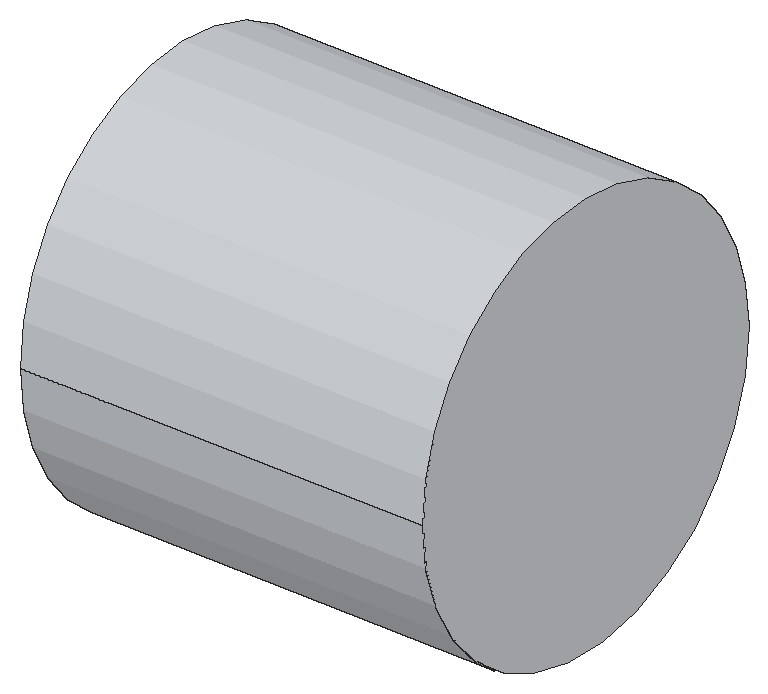
Revit family "Luva deslizante - Soldada - CU", category Conexões de tubo, Revit 2019
Family settings
  Cota do conector redondo = Usar raio
  Tipo de parte = União
  Com base no plano de trabalho = Não
  Sempre na vertical = Sim
  Corte com vazios quando carregada = Não
  Compartilhado = Não
Parameters (values of type "Padrão")
  Espessura da parede [instance] = size_lookup(Nome da tabela de pesquisa, "WThk", 0.01 * Diâmetro nominal + 0.4 mm, Diâmetro nominal)  # 1.15 mm
  Tamanho da marca de revisão [instance] = Diâmetro externo do soquete * 0.4  # 27.32 mm
  Raio externo do soquete [instance] = Diâmetro externo do soquete / 2  # 34.15 mm
  Diâmetro externo do soquete [instance] = Diâmetro nominal + 2 * Espessura da parede  # 68.3 mm
  Raio nominal [instance] = 33 mm
  Diâmetro nominal [instance] = Raio nominal * 2  # 66 mm
  Método de perda = Coeficiente K da tabela
  Nome da tabela de pesquisa = "BR_Sliding Sleeve - Soldered - CU"
  Comprimento [instance] = size_lookup(Nome da tabela de pesquisa, "Lgt", 0.73 * Diâmetro nominal + 17.4 mm, Diâmetro nominal)  # 67.4 mm
  Tabela de coeficiente K = "Redutor/Acoplamento/União/Redutor"
Reference planes
  plane 1 "Centro (frente/trás)": y = 0
  plane 2: z = 0
  plane 3 "Centro (direita/esquerda)": x = 0
  plane 4: x = -33.7
  plane 5: x = 33.7
  plane 6: y = 34.15
  plane 7: y = -34.15
  plane 8: y = 27.32
  plane 9: y = -27.32
Forms (mm)
  Sweep 1, solid, detail levels fine
    path in 3D
      loop
        line (-33.7, 0, 0) -> (33.7, 0, 0)
    profile origin (0, 0, 0) x (0, 1, 0) y (0, 0, 1)
      loop
        circle (0, 0) r 34.15
Lines and regions (mm)
  model lines, detail levels coarse+medium
    curve 1: line (-33.7, 0, 0) -> (33.7, 0, 0)
    curve 3: line (-33.7, 27.32, 0) -> (-33.7, -27.32, 0)
    curve 4: line (33.7, 27.32, 0) -> (33.7, -27.32, 0)
  sketch lines
    curve 2: line (-33.7, 0, 0) -> (33.7, 0, 0)
Dimensions and locks
  equal spacing: plane 4, plane 3 "Centro (direita/esquerda)", plane 5
  "Comprimento": plane 4 to plane 5
  equal spacing: plane 6, plane 1 "Centro (frente/trás)", plane 7
  "Diâmetro externo do soquete": plane 6 to plane 7
  "Tamanho da marca de revisão": plane 8 to plane 1 "Centro (frente/trás)"
  equal spacing: plane 8, plane 1 "Centro (frente/trás)", plane 9
  "Raio externo do soquete": radius of Sweep 1 sketch curve
  aligned and locked: plane 4 to curve 1
  aligned and locked: plane 1 "Centro (frente/trás)" to curve 1
  aligned and locked: plane 8 to curve 3
  aligned and locked: curve 3 to plane 9
  aligned and locked: curve 3 to plane 4
  aligned and locked: plane 8 to curve 4
  aligned and locked: plane 9 to curve 4
  aligned and locked: curve 4 to plane 5
Automatic sketch dimensions
  Sweep 1 sketch curve to profile plane = 0 mm  (x2)
Connectors
  piping at (-33.7, 0, 0), diameter 66, driven by "Raio nominal"
    settings: on Sweep 1, index 1, connector inside diameter 66 mm, connector length 0 mm, flow factor 0, pipe flow 0.0 L/s, pressure drop 0.0 Pa, fitting loss kfactor 0, connector angle 0.00°, fixture units 0, engagement length 0 mm, angle of deflection 0.00°, flow configuration 0, flow direction 0, fitting loss method 0, system type 28, joint type 0, gender type 0, connector reference index 2, connector utility 0, adjustable connector no, is connector primary yes, connector description ""
  piping at (33.7, 0, 0), diameter 66, driven by "Raio nominal"
    settings: on Sweep 1, index 2, connector inside diameter 66 mm, connector length 0 mm, flow factor 0, pipe flow 0.0 L/s, pressure drop 0.0 Pa, fitting loss kfactor 0, connector angle 0.00°, fixture units 0, engagement length 0 mm, angle of deflection 0.00°, flow configuration 0, flow direction 0, fitting loss method 0, system type 28, joint type 0, gender type 0, connector reference index 1, connector utility 0, adjustable connector no, is connector primary no, connector description ""
